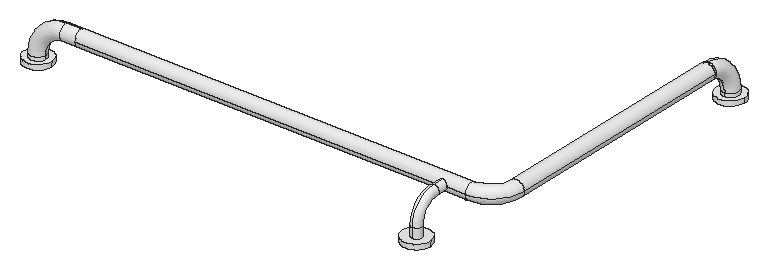
Revit family "Grab_Bar-Grohe-Essentials-40797001", category Specialty Equipment, host Face, Revit 2014
Parameters (values of type "40797001")
  Width = 3 139/256"
  Warranty Information = "Limited Lifetime Warranty"
  URL = "https://www.grohe.ca/en_ca/"
  Type Comments = ""
  Product Page URL = "https://www.grohe.ca/en_ca/essentials-grip-bar-40797001.html"
  Price = "Prices may vary. Please consult Manufacturer Representative for most up-to-date price list."  # constant formula
  Model = "40797001"
  Material = "Metal-Grohe-000-Chrome"
  Manufacturer = "GROHE"
  Length = 37 1/128"
  Installation Type = "Wall Mounted"
  Height = 26 99/128"
  Description = "Essentials Grip Bar"
  Default Elevation = 35 3/8"
  Creation Date = "07/013/2017"
  Assembly Code = "C1030200"
Reference planes (in)
  plane 1 "Center (Front/Back)": y = 0
  plane 2: z = 0
  plane 3 "Center (Left/Right)": x = 0
  plane 4: x = -18.50391
  plane 5: x = 18.50391
  plane 6: y = 1.125
  plane 7: y = 0.62992
  plane 8: y = -1.125
  plane 9: z = 3.54297
  plane 10: y = 23.62248
  plane 11: x = 14.56693
  plane 12: y = -3.15096
Forms (in)
  Extrusion 1, solid, material "Metal-Grohe-000-Chrome"
    sketch origin (0, 0, 0) x (1, 0, 0) y (0, 1, 0)
      loop
        circle (-18.50391, 0) r 1.12162
      loop
        circle (18.50391, 23.62248) r 1.12162
      loop
        circle (14.56693, -3.14961) r 1.12162
    from 0 to 0.37402
  Sweep 2, solid, material "Metal-Grohe-000-Chrome"
    path origin (0, 0, 0) x (1, 0, 0) y (0, 0, 1)
      loop
        line (-15.00391, 2.91698) -> (-16.25391, 2.91698)
        arc (-16.25391, 2.91698) -> (-17.8449, 2.25797) -> (-18.50391, 0.66698) r 2.25
        line (-18.50391, 0.66698) -> (-18.50391, 0.37402)
    profile origin (-15.62891, 0, 2.91698) x (0, 0, -1) y (0, -1, 0)
      loop
        circle (0, 0) r 0.625
  Sweep 3, solid, material "Metal-Grohe-000-Chrome"
    path origin (0, 0, 2.91698) x (1, 0, 0) y (0, 1, 0)
      loop
        line (-15.00391, 0) -> (16.50391, 0)
        arc (16.50391, 0) -> (17.91812, 0.58579) -> (18.50391, 2) r 2
        line (18.50391, 2) -> (18.50391, 21.25)
    profile origin (0.75, 0, 2.91698) x (0, 1, 0) y (0, 0, 1)
      loop
        circle (0, 0) r 0.625
  Sweep 4, solid, material "Metal-Grohe-000-Chrome"
    path origin (0, 0, 0) x (0, 1, 0) y (0, 0, 1)
      loop
        line (21.25, 2.91698) -> (21.37248, 2.91698)
        arc (21.37248, 2.91698) -> (22.96347, 2.25797) -> (23.62248, 0.66698) r 2.25
        line (23.62248, 0.66698) -> (23.62248, 0.35433)
    profile origin (0, 21.31124, 2.91698) x (0, 0, 1) y (1, 0, 0)
      loop
        circle (0, 18.50391) r 0.625
  Sweep 5, solid, material "Metal-Grohe-000-Chrome"
    path origin (14.56693, 0, 0) x (0, 1, 0) y (0, 0, 1)
      loop
        line (-3.14961, 0.37402) -> (-3.14961, 1.14764)
        arc (-3.14961, 1.14764) -> (-2.63704, 2.38507) -> (-1.39961, 2.89764) r 1.75
        line (-1.39961, 2.89764) -> (0, 2.89764)
    profile origin (14.56693, -3.14961, 0.76083) x (0, -1, 0) y (1, 0, 0)
      loop
        circle (0, 0) r 0.3937
Cuts and joins
  joined: Extrusion 1, Sweep 2, Sweep 3, Sweep 4, Sweep 5
Lines and regions (in)
  Masking region 1
    outline origin (0, 0, 0) x (1, 0, 0) y (0, 0, 1)
      loop
        arc (-16.25946, 3.54297) -> (-18.28846, 2.70253) -> (-19.12891, 0.67352) r 2.86945
        line (-19.12891, 0.67352) -> (-19.12891, 0.37402) -> (-19.62552, 0.37402) -> (-19.62552, 0) -> (-17.38229, 0) -> (-17.38229, 0.37402) -> (-17.87891, 0.37402) -> (-17.87891, 0.66521)
        arc (-17.87891, 0.66521) -> (-17.40239, 1.81562) -> (-16.25198, 2.29214) r 1.62693
        line (-16.25198, 2.29214) -> (14.17323, 2.29214) -> (14.17323, 0.37402) -> (13.44531, 0.37402) -> (13.44531, 0) -> (15.68855, 0) -> (15.68855, 0.37402) -> (14.96063, 0.37402) -> (14.96063, 2.29214) -> (17.87891, 2.29214) -> (17.87891, 0.37402) -> (17.38229, 0.37402) -> (17.38229, 0) -> (19.62552, 0) -> (19.62552, 0.37402) -> (19.12891, 0.37402) -> (19.12891, 2.92681)
        arc (19.12891, 2.92681) -> (18.94844, 3.3625) -> (18.51275, 3.54297) r 0.61616
        line (18.51275, 3.54297) -> (-16.25946, 3.54297)
  symbolic lines, detail levels medium+fine
    curve 1: line (14.17323, 0, 0.37402) -> (14.96063, 0, 0.37402)
    curve 2: line (17.87891, 0, 0.37402) -> (19.12891, 0, 0.37402)
    curve 3: line (-17.87891, 0, 0.37402) -> (-19.12891, 0, 0.37402)
  symbolic lines, detail levels fine
    curve 4: line (14.17323, 0, 2.29214) -> (14.96063, 0, 2.29214)
    curve 5: line (17.87891, 0, 2.29214) -> (17.87891, 0, 2.92681)
    curve 6: arc (17.87891, 0, 2.92681) -> (18.06566, 0, 3.36879) -> (18.51275, 0, 3.54297) r 0.61641
Dimensions and locks (in)
  equal spacing: plane 4, plane 3 "Center (Left/Right)", plane 5
  plane 7 to plane 1 "Center (Front/Back)" = 0.62992"
  equal spacing: plane 8, plane 1 "Center (Front/Back)", plane 6
  "Length": plane 4 to plane 5
  "Width": plane 2 to plane 9
  "Height": plane 12 to plane 10
  aligned and locked: plane 2 to host face
  aligned and locked: level to host face
Automatic sketch dimensions
  host sketch curve to host sketch curve = 96"  (x2)
  plane 1 "Center (Front/Back)" to Extrusion 1 sketch curve = 0"
  Extrusion 1 sketch curve to plane 4 = 0"
  Extrusion 1 sketch curve to plane 11 = 0"
  Extrusion 1 sketch curve to plane 5 = 0"
  plane 10 to Extrusion 1 sketch curve = 0"
  plane 8 to Extrusion 1 sketch curve = 2.02461"
  plane 4 to Sweep 2 sketch curve = 0"
  level to Sweep 2 sketch curve = 0.66698"
  Sweep 2 sketch curve to Sweep 2 sketch curve = 2 1/4"
  Sweep 2 sketch curve to Sweep 2 sketch curve = 1 1/4"
  Sweep 2 sketch curve to Sweep 2 sketch curve = 75/256"
  Sweep 2 sketch curve to profile plane = 0"  (x2)
  plane 1 "Center (Front/Back)" to Sweep 3 sketch curve = 0"
  Sweep 3 sketch curve to plane 5 = 0"
  plane 11 to Sweep 3 sketch curve = 1.93698"
  Sweep 3 sketch curve to plane 4 = 3 1/2"
  plane 10 to Sweep 3 sketch curve = 2.37248"
  Sweep 3 sketch curve to profile plane = 0"  (x2)
  Sweep 4 sketch curve to plane 10 = 0"
  plane 10 to Sweep 4 sketch curve = 2 1/4"
  Sweep 4 sketch curve to Sweep 4 sketch curve = 0.12248"
  Sweep 4 sketch curve to Sweep 4 sketch curve = 0.31265"
  Sweep 4 sketch curve to profile plane = 0"
  plane 3 "Center (Left/Right)" to Sweep 4 sketch curve = 18 129/256"
  Sweep 5 sketch curve to profile plane = 0"  (x2)
  Sweep 5 sketch curve to plane 1 "Center (Front/Back)" = 0"
  plane 8 to Sweep 5 sketch curve = 0.27461"
  Sweep 5 sketch curve to Sweep 5 sketch curve = 1 3/4"
  level to Sweep 5 sketch curve = 1.14764"
  level to Sweep 5 sketch curve = 0.37402"
  level to Sweep 4 sketch curve = 0.66698"
  Masking region 1 sketch curve to level = 0"  (x3)
  Masking region 1 sketch curve to plane 9 = 0"
  plane 4 to Masking region 1 sketch curve = 1.12162"
  Masking region 1 sketch curve to Masking region 1 sketch curve = 0.49662"  (x4)
  Masking region 1 sketch curve to plane 4 = 5/8"
  Masking region 1 sketch curve to plane 4 = 2.24445"
  Masking region 1 sketch curve to Masking region 1 sketch curve = 0.00748"
  Masking region 1 sketch curve to plane 11 = 1.12162"
  Masking region 1 sketch curve to plane 11 = 0.3937"
  plane 11 to Masking region 1 sketch curve = 0.3937"
  Masking region 1 sketch curve to Masking region 1 sketch curve = 0.72792"
  Masking region 1 sketch curve to plane 5 = 1.12162"
  plane 5 to Masking region 1 sketch curve = 0.00884"
  plane 5 to Masking region 1 sketch curve = 5/8"
  Masking region 1 sketch curve to Masking region 1 sketch curve = 0.37402"  (x2)
  level to Masking region 1 sketch curve = 0.37402"  (x4)
  Masking region 1 sketch curve to Masking region 1 sketch curve = 0.00831"
  Masking region 1 sketch curve to Masking region 1 sketch curve = 0.63467"
  curve 6 to plane 9 = 0"
  curve 6 to plane 5 = 0.00859"
  plane 9 to curve 6 = 0.61616"
  curve 5 to plane 5 = 5/8"
  curve 2 to plane 5 = 5/8"
  plane 11 to curve 4 = 0.3937"
  plane 11 to curve 1 = 0.3937"
  curve 1 to plane 11 = 0.3937"
  curve 4 to plane 11 = 0.3937"
  curve 3 to plane 4 = 5/8"
  plane 4 to curve 3 = 5/8"
  plane 5 to curve 2 = 5/8"
  curve 5 to curve 5 = 0.63467"
  plane 9 to curve 4 = 1.25083"
  level to curve 1 = 0.37402"
  level to curve 3 = 0.37402"
  level to curve 2 = 0.37402"
  radius of Extrusion 1 sketch curve = 1.12162"  (x3)
  radius of Sweep 2 sketch curve = 5/8"
  radius of Sweep 3 sketch curve = 5/8"
  radius of Sweep 4 sketch curve = 5/8"
  radius of Sweep 5 sketch curve = 0.3937"
